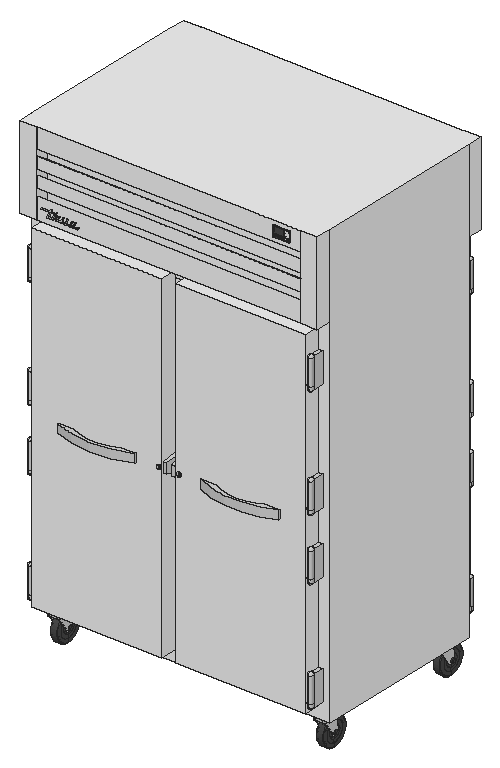
Revit family
Parameters
  Weight in Pounds = 0
  Watts = 3000 W
  Volts = 208 V
  URL Cutsheet = "www.truemfg.com"
  URL = "www.truemfg.com"
  Type Mark [instance] = ""
  Type Comments = ""
  Status [instance] = ""
  Specification by User [instance] = ""
  Specification by Manufacturer = ""
  Show Seismic Flanged [instance] = no
  Show Logo [instance] = yes
  Show Legs [instance] = no
  Show Clearance [instance] = yes
  Serial Number = ""
  Seismic Rating = ""
  Seismic Plate [instance] = and(Show Seismic Flanged, not(Show Casters))  # no
  SMACNA No = ""
  Revision Code [instance] = ""
  Phase = 1
  Omniclass Number and Title = ""
  Number of Poles [instance] = 1
  NAFEM Spec ID Number = ""
  Model = "STG2HPT-2S-2S"
  Min Ckt Ampacity = 0 A
  Max Overcurrent Protection = 0 A
  Masterspec = ""
  Manufacturer = "TRUE FOOD SERVICE EQUIPMENT, INC."
  Length = 52 5/8"
  Legs [instance] = or(Show Legs, Show Seismic Flanged)  # no
  Item Number [instance] = ""
  Installed By [instance] = ""
  Identify Quantity as Lot [instance] = yes
  Height = 77 3/4"
  HP = ""
  Furnished By [instance] = ""
  Foodservice Equipment Identifier [instance] = yes
  FL Amps = Watts / Volts  # 14.4231 A
  Electrical Remarks [instance] = ""
  Electric Connection Type [instance] = ""
  Elec Conn RI Height [instance] = 0"
  Elec Conn Connection Height [instance] = 0"
  Description = "Pass-thru Solid Front/Solid Rear Swing Doors Heated Cabinet"
  Depth = 36 1/8"
  Cycle = 60 Hz
  Conn Plug = "6-15P"
  Conn Conduit = yes
  Show Casters [instance] = and(not(if(Show Legs, Show Legs, Show Legs)), not(if(Show Legs, Show Legs, Show Seismic Flanged)))  # yes
  CSI MasterFormat = ""
  CSI Master Format = ""
  Assembly Code = ""
  Apparent Power = if(Phase = 3, Volts * FL Amps * 1.73, Volts * FL Amps)  # 3000 VA
Reference planes (in)
  plane 1 "BACK": y = 0
  plane 2: z = 0
  plane 3 "LEFT": x = 0
  plane 4 "RIGHT": x = 52.625
  plane 5 "FRONT": y = -36.125
  plane 6 "TOP": z = 84.125
  plane 7: z = 6.125
  plane 8: x = 26.3125
  plane 9: x = 3
  plane 10: x = 49.9375
  plane 11: y = -36.0792
  plane 12: x = 26.3125
  plane 13: y = -0.0458
  plane 14: y = -18.0625
Forms (in)
  Extrusion 1, solid, material "QF_Finishes_Chrome - Satin"
    sketch origin (0.05, 0, 0) x (1, 0, 0) y (0, 1, 0)
      loop
        line (-0.05, -2.75) -> (-0.05, -33.375) -> (2.35625, -33.375) -> (2.35625, -2.75) -> (-0.05, -2.75)
    from 6.125 to 84.125
  Extrusion 2, solid, material "QF_Finishes_Chrome - Satin"
    sketch origin (50.15, 0, 0) x (1, 0, 0) y (0, 1, 0)
      loop
        line (0.225, -2.75) -> (0.225, -33.375) -> (2.475, -33.375) -> (2.475, -2.75) -> (0.225, -2.75)
    from 6.125 to 84.125
  Extrusion 3, solid, material "QF_Finishes_Chrome - Satin"
    sketch origin (0, 0, 0) x (0, 1, 0) y (0, 0, 1)
      loop
        line (-36.0792, 69.5) -> (-33.375, 69.5) -> (-33.375, 66.96875) -> (-2.75, 66.96875) -> (-2.75, 69.5) -> (-0.0458, 69.5) -> (-0.0458, 73.19226) -> (-2.25, 71.625) -> (-2.25, 72.90057) -> (-0.0458, 74.46784) -> (-0.0458, 76.56404) -> (-2.25, 74.99678) -> (-2.25, 75.95754) -> (-0.0458, 77.5248) -> (-0.0458, 79.65851) -> (-2.25, 78.09125) -> (-2.25, 79.21352) -> (-0.0458, 80.78078) -> (-0.0458, 84.125) -> (-36.0792, 84.125) -> (-36.0792, 80.78078) -> (-33.875, 79.21352) -> (-33.875, 78.09125) -> (-36.0792, 79.65851) -> (-36.0792, 77.5248) -> (-33.875, 75.95754) -> (-33.875, 74.99678) -> (-36.0792, 76.56404) -> (-36.0792, 74.46784) -> (-33.875, 72.90057) -> (-33.875, 71.625) -> (-36.0792, 73.19226) -> (-36.0792, 69.5)
      loop
        line (-33.375, 6.125) -> (-2.75, 6.125) -> (-2.75, 9.03125) -> (-33.375, 9.03125) -> (-33.375, 6.125)
    from 2.25 to 50.375
  Extrusion 4, solid, material "QF_Finishes_Chrome - Satin"
    sketch origin (0, 0, 0) x (1, 0, 0) y (0, 1, 0)
      loop
        line (52.54687, -33.375) -> (49.66032, -33.375) -> (49.66032, -36.125) -> (52.54687, -36.125) -> (52.54687, -33.375)
      loop
        line (52.54687, -2.75) -> (52.54687, 0) -> (49.66032, 0) -> (49.66032, -2.75) -> (52.54687, -2.75)
    from 69.5 to 84.125
  Extrusion 5, solid, material "QF_Finishes_Chrome - Satin"
    sketch origin (-50.125, 0, 0.25) x (1, 0, 0) y (0, 1, 0)
      loop
        line (53.20984, -33.375) -> (50.20312, -33.375) -> (50.20312, -36.125) -> (53.20984, -36.125) -> (53.20984, -33.375)
      loop
        line (53.20984, -2.75) -> (53.20984, 0) -> (50.20312, 0) -> (50.20312, -2.75) -> (53.20984, -2.75)
    from 69.25 to 83.875
  Extrusion 6, solid, material "QF_Finishes_Handrails and Railings"
    sketch origin (1.875, -2.375, -2) x (1, 0, 0) y (0, 0, 1)
      loop
        circle (22.76563, 40.0625) r 0.35
      loop
        line (22.73047, 40.33635) -> (22.73047, 39.76895) -> (22.78597, 39.76895) -> (22.78597, 40.33635) -> (22.73047, 40.33635)
      loop
        circle (26.3125, 40.0625) r 0.35
      loop
        line (26.34765, 40.33635) -> (26.29215, 40.33635) -> (26.29215, 39.76895) -> (26.34765, 39.76895) -> (26.34765, 40.33635)
    from 33.5 to 33.83066
  Extrusion 7, solid, material "QF_Finishes_Handrails and Railings", visible <- "Show Logo"
    sketch origin (0.33478, -1.29327, -6.73143) x (1, 0, 0) y (0, 0, 1)
      loop
        line (3.61669, 78.46231) -> (3.51103, 78.23573) -> (4.91652, 78.23573)
        arc (4.91652, 78.23573) -> (4.94504, 78.18528) -> (4.91652, 78.13484) r 0.05887
        line (4.91652, 78.13484) -> (4.54994, 77.34872)
        arc (4.54994, 77.34872) -> (4.54676, 77.27591) -> (4.596, 77.22217) r 0.09523
        line (4.596, 77.22217) -> (5.49469, 77.22217)
        arc (5.49469, 77.22217) -> (5.60817, 77.25795) -> (5.68061, 77.35235) r 0.19785
        line (5.68061, 77.35235) -> (5.9691, 77.97101) -> (6.23415, 77.97101)
        arc (6.23415, 77.97101) -> (6.30369, 77.94543) -> (6.29362, 77.87203) r 0.05911
        line (6.29362, 77.87203) -> (6.05223, 77.35437)
        arc (6.05223, 77.35437) -> (6.05599, 77.2684) -> (6.12856, 77.22217) r 0.09318
        line (6.12856, 77.22217) -> (6.91823, 77.22217)
        arc (6.91823, 77.22217) -> (6.97874, 77.24419) -> (7.01093, 77.29995) r 0.09412
        arc (7.01093, 77.29995) -> (7.03371, 77.24495) -> (7.08871, 77.22217) r 0.07778
        line (7.08871, 77.22217) -> (7.58871, 77.22217)
        arc (7.58871, 77.22217) -> (7.64647, 77.23765) -> (7.68876, 77.27993) r 0.11552
        arc (7.68876, 77.27993) -> (7.709, 77.23106) -> (7.75787, 77.21081) r 0.06912
        line (7.75787, 77.21081) -> (8.4685, 77.21081)
        arc (8.4685, 77.21081) -> (8.52659, 77.23488) -> (8.55066, 77.29297) r 0.08216
        arc (8.55066, 77.29297) -> (8.60392, 77.23972) -> (8.67667, 77.22022) r 0.14551
        line (8.67667, 77.22022) -> (10.00783, 77.22022) -> (10.15571, 77.47634) -> (8.81303, 77.47634)
        arc (8.81303, 77.47634) -> (8.77597, 77.50204) -> (8.77459, 77.54711) r 0.05009
        line (8.77459, 77.54711) -> (8.79782, 77.59692)
        arc (8.79782, 77.59692) -> (8.83348, 77.64364) -> (8.88952, 77.66135) r 0.09747
        line (8.88952, 77.66135) -> (9.3211, 77.66135)
        arc (9.3211, 77.66135) -> (9.41425, 77.68631) -> (9.48244, 77.7545) r 0.1863
        line (9.48244, 77.7545) -> (9.60744, 77.97101)
        arc (9.60744, 77.97101) -> (9.60744, 78.08657) -> (9.50736, 78.14434) r 0.11556
        line (9.50736, 78.14434) -> (9.05187, 78.14434)
        arc (9.05187, 78.14434) -> (8.93575, 78.12462) -> (8.85474, 78.03912) r 0.18605
        line (8.85474, 78.03912) -> (8.63829, 77.57493)
        arc (8.63829, 77.57493) -> (8.5744, 77.49167) -> (8.47431, 77.46011) r 0.1745
        line (8.47431, 77.46011) -> (8.00184, 77.46011)
        arc (8.00184, 77.46011) -> (7.94528, 77.52184) -> (7.94893, 77.60548) r 0.10939
        line (7.94893, 77.60548) -> (8.2002, 78.14434) -> (8.04028, 78.14434) -> (7.77406, 77.57344)
        arc (7.77406, 77.57344) -> (7.72234, 77.50603) -> (7.6413, 77.48048) r 0.14128
        line (7.6413, 77.48048) -> (7.3155, 77.48048)
        arc (7.3155, 77.48048) -> (7.26044, 77.55223) -> (7.27225, 77.64189) r 0.11816
        line (7.27225, 77.64189) -> (7.50655, 78.14434) -> (7.34139, 78.14434) -> (7.07171, 77.566)
        arc (7.07171, 77.566) -> (7.0091, 77.50339) -> (6.92358, 77.48048) r 0.17104
        line (6.92358, 77.48048) -> (6.4518, 77.48048)
        arc (6.4518, 77.48048) -> (6.36707, 77.51999) -> (6.35892, 77.61313) r 0.0935
        line (6.35892, 77.61313) -> (6.51399, 77.94569) -> (6.7332, 77.94569)
        arc (6.7332, 77.94569) -> (6.7702, 78.05717) -> (6.84892, 78.14434) r 0.2857
        line (6.84892, 78.14434) -> (5.9923, 78.14434)
        arc (5.9923, 78.14434) -> (5.89711, 78.12324) -> (5.83123, 78.05135) r 0.16212
        line (5.83123, 78.05135) -> (5.59904, 77.55341)
        arc (5.59904, 77.55341) -> (5.54565, 77.50002) -> (5.47272, 77.48048) r 0.14586
        line (5.47272, 77.48048) -> (4.96131, 77.48048)
        arc (4.96131, 77.48048) -> (4.92139, 77.53442) -> (4.92899, 77.60109) r 0.09155
        line (4.92899, 77.60109) -> (5.26643, 78.23573) -> (6.1178, 78.23573) -> (6.22346, 78.46231) -> (5.37209, 78.46231) -> (5.47774, 78.68888) -> (5.17487, 78.68888) -> (5.06922, 78.46231) -> (3.61669, 78.46231)
      loop
        arc (8.9943, 77.93863) -> (8.95744, 77.92875) -> (8.93045, 77.90176) r 0.07373
        line (8.93045, 77.90176) -> (8.90854, 77.83436)
        arc (8.90854, 77.83436) -> (8.9187, 77.80983) -> (8.94324, 77.79966) r 0.0347
        line (8.94324, 77.79966) -> (9.31573, 77.79966)
        arc (9.31573, 77.79966) -> (9.34257, 77.80561) -> (9.36437, 77.82234) r 0.0635
        line (9.36437, 77.82234) -> (9.38249, 77.90622)
        arc (9.38249, 77.90622) -> (9.37716, 77.92868) -> (9.35634, 77.93863) r 0.02676
        line (9.35634, 77.93863) -> (8.9943, 77.93863)
    from 34.76797 to 34.83173
  Extrusion 8, solid
    sketch origin (0, 0, 0) x (1, 0, 0) y (0, 0, 1)
      loop
        circle (49.53125, 82) r 0.25
    from 0 to 0.0625
  Blend 9, solid, material "QF_Finishes_Handrails and Railings"
    base sketch origin (-0.14063, -2.375, 0) x (1, 0, 0) y (0, 0, 1)
      loop
        line (25.32813, 38.99169) -> (25.32813, 37.24169) -> (26.07813, 37.24169) -> (26.07813, 38.99169) -> (25.32813, 38.99169)
    top sketch origin (-0.14063, 0, 0) x (1, 0, 0) y (0, 0, 1)
      loop
        line (26.26036, 36.6441) -> (26.26036, 39.42643) -> (25.32813, 39.42643) -> (25.32813, 36.6441) -> (26.26036, 36.6441)
    from 33.57883 to 33.375
  Blend 10, solid, material "QF_Finishes_Handrails and Railings"
    base sketch origin (52.84375, -2.375, 0) x (-1, 0, 0) y (0, 0, -1)
      loop
        line (25.25, -38.99169) -> (26, -38.99169) -> (26, -37.24169) -> (25.25, -37.24169) -> (25.25, -38.99169)
    top sketch origin (52.84375, 0, 0) x (-1, 0, 0) y (0, 0, -1)
      loop
        line (26.18223, -36.6441) -> (25.25, -36.6441) -> (25.25, -39.42643) -> (26.18223, -39.42643) -> (26.18223, -36.6441)
    from 33.57883 to 33.375
  Extrusion 11, solid, material "QF_Finishes_Handrails and Railings"
    sketch origin (1.09375, 0, 0) x (0, 1, 0) y (0, 0, 1)
      loop
        line (-33.375, 64.55229) -> (-34.98544, 64.55229)
        arc (-34.98544, 64.55229) -> (-35.13006, 64.49238) -> (-35.18997, 64.34776) r 0.20453
        line (-35.18997, 64.34776) -> (-35.18997, 59.94848) -> (-35.625, 59.94848) -> (-35.625, 59.23627) -> (-33.375, 59.23627) -> (-33.375, 64.55229)
    from 0.17506 to 1
  Revolve 12, solid, material "QF_Finishes_Handrails and Railings"
    sketch origin (1.59375, 0, 0) x (0, 1, 0) y (0, 0, 1)
      loop
        line (-35.64063, 60.00189) -> (-35.64063, 64.81483)
        arc (-35.64063, 64.81483) -> (-35.91222, 64.72557) -> (-36.04729, 64.4736) r 0.3848
        line (-36.04729, 64.4736) -> (-36.04729, 60.00189) -> (-35.64063, 60.00189)
      loop
        line (-35.64063, 59.94848) -> (-36.04729, 59.94848) -> (-36.04729, 59.37712)
        arc (-36.04729, 59.37712) -> (-35.90764, 59.13383) -> (-35.64063, 59.04781) r 0.38884
        line (-35.64063, 59.04781) -> (-35.64063, 59.94848)
      axis (-35.64063, 59.04781) -> (-35.64063, 64.81483)
    angle from 0 to 360
  Extrusion 13, solid, material "QF_Finishes_Handrails and Railings"
    sketch origin (-0.21875, -2.375, 0) x (1, 0, 0) y (0, 0, 1)
      loop
        line (2.07116, 64.4736) -> (2.07116, 60.00079) -> (2.46875, 60.00079) -> (2.46875, 64.4736) -> (2.07116, 64.4736)
    from 32.81497 to 33.59495
  Extrusion 14, solid, material "QF_Finishes_Handrails and Railings"
    sketch origin (1.09375, 0, -19.5) x (0, 1, 0) y (0, 0, 1)
      loop
        line (-33.375, 64.55229) -> (-34.98544, 64.55229)
        arc (-34.98544, 64.55229) -> (-35.13006, 64.49238) -> (-35.18997, 64.34776) r 0.20453
        line (-35.18997, 64.34776) -> (-35.18997, 59.94848) -> (-35.625, 59.94848) -> (-35.625, 59.23627) -> (-33.375, 59.23627) -> (-33.375, 64.55229)
    from 0.17506 to 1
  Revolve 15, solid, material "QF_Finishes_Handrails and Railings"
    sketch origin (1.59375, 0, -19.5) x (0, 1, 0) y (0, 0, 1)
      loop
        line (-35.64063, 60.00189) -> (-35.64063, 64.81483)
        arc (-35.64063, 64.81483) -> (-35.91222, 64.72557) -> (-36.04729, 64.4736) r 0.3848
        line (-36.04729, 64.4736) -> (-36.04729, 60.00189) -> (-35.64063, 60.00189)
      loop
        line (-35.64063, 59.94848) -> (-36.04729, 59.94848) -> (-36.04729, 59.37712)
        arc (-36.04729, 59.37712) -> (-35.90764, 59.13383) -> (-35.64063, 59.04781) r 0.38884
        line (-35.64063, 59.04781) -> (-35.64063, 59.94848)
      axis (-35.64063, 59.04781) -> (-35.64063, 64.81483)
    angle from 0 to 360
  Extrusion 16, solid, material "QF_Finishes_Handrails and Railings"
    sketch origin (-0.21875, -2.375, -19.5) x (1, 0, 0) y (0, 0, 1)
      loop
        line (2.07116, 64.4736) -> (2.07116, 60.00079) -> (2.46875, 60.00079) -> (2.46875, 64.4736) -> (2.07116, 64.4736)
    from 32.81497 to 33.59495
  Extrusion 17, solid, material "QF_Finishes_Handrails and Railings"
    sketch origin (1.09375, 0, -30.5) x (0, 1, 0) y (0, 0, 1)
      loop
        line (-33.375, 64.55229) -> (-34.98544, 64.55229)
        arc (-34.98544, 64.55229) -> (-35.13006, 64.49238) -> (-35.18997, 64.34776) r 0.20453
        line (-35.18997, 64.34776) -> (-35.18997, 59.94848) -> (-35.625, 59.94848) -> (-35.625, 59.23627) -> (-33.375, 59.23627) -> (-33.375, 64.55229)
    from 0.17506 to 1
  Revolve 18, solid, material "QF_Finishes_Handrails and Railings"
    sketch origin (1.59375, 0, -30.5) x (0, 1, 0) y (0, 0, 1)
      loop
        line (-35.64063, 60.00189) -> (-35.64063, 64.81483)
        arc (-35.64063, 64.81483) -> (-35.91222, 64.72557) -> (-36.04729, 64.4736) r 0.3848
        line (-36.04729, 64.4736) -> (-36.04729, 60.00189) -> (-35.64063, 60.00189)
      loop
        line (-35.64063, 59.94848) -> (-36.04729, 59.94848) -> (-36.04729, 59.37712)
        arc (-36.04729, 59.37712) -> (-35.90764, 59.13383) -> (-35.64063, 59.04781) r 0.38884
        line (-35.64063, 59.04781) -> (-35.64063, 59.94848)
      axis (-35.64063, 59.04781) -> (-35.64063, 64.81483)
    angle from 0 to 360
  Extrusion 19, solid, material "QF_Finishes_Handrails and Railings"
    sketch origin (-0.21875, -2.375, -30.5) x (1, 0, 0) y (0, 0, 1)
      loop
        line (2.07116, 64.4736) -> (2.07116, 60.00079) -> (2.46875, 60.00079) -> (2.46875, 64.4736) -> (2.07116, 64.4736)
    from 32.81497 to 33.59495
  Extrusion 20, solid, material "QF_Finishes_Handrails and Railings"
    sketch origin (1.09375, 0, -50.25) x (0, 1, 0) y (0, 0, 1)
      loop
        line (-33.375, 64.55229) -> (-34.98544, 64.55229)
        arc (-34.98544, 64.55229) -> (-35.13006, 64.49238) -> (-35.18997, 64.34776) r 0.20453
        line (-35.18997, 64.34776) -> (-35.18997, 59.94848) -> (-35.625, 59.94848) -> (-35.625, 59.23627) -> (-33.375, 59.23627) -> (-33.375, 64.55229)
    from 0.17506 to 1
  Revolve 21, solid, material "QF_Finishes_Handrails and Railings"
    sketch origin (1.59375, 0, -50.25) x (0, 1, 0) y (0, 0, 1)
      loop
        line (-35.64063, 60.00189) -> (-35.64063, 64.81483)
        arc (-35.64063, 64.81483) -> (-35.91222, 64.72557) -> (-36.04729, 64.4736) r 0.3848
        line (-36.04729, 64.4736) -> (-36.04729, 60.00189) -> (-35.64063, 60.00189)
      loop
        line (-35.64063, 59.94848) -> (-36.04729, 59.94848) -> (-36.04729, 59.37712)
        arc (-36.04729, 59.37712) -> (-35.90764, 59.13383) -> (-35.64063, 59.04781) r 0.38884
        line (-35.64063, 59.04781) -> (-35.64063, 59.94848)
      axis (-35.64063, 59.04781) -> (-35.64063, 64.81483)
    angle from 0 to 360
  Extrusion 22, solid, material "QF_Finishes_Handrails and Railings"
    sketch origin (-0.21875, -2.375, -50.25) x (1, 0, 0) y (0, 0, 1)
      loop
        line (2.07116, 64.4736) -> (2.07116, 60.00079) -> (2.46875, 60.00079) -> (2.46875, 64.4736) -> (2.07116, 64.4736)
    from 32.81497 to 33.59495
  Extrusion 23, solid, material "QF_Finishes_Handrails and Railings"
    sketch origin (51.53125, 0, 0) x (0, 1, 0) y (0, 0, -1)
      loop
        line (-33.375, -64.55229) -> (-33.375, -59.23627) -> (-35.625, -59.23627) -> (-35.625, -59.94848) -> (-35.18997, -59.94848) -> (-35.18997, -64.34776)
        arc (-35.18997, -64.34776) -> (-35.13006, -64.49238) -> (-34.98544, -64.55229) r 0.20453
        line (-34.98544, -64.55229) -> (-33.375, -64.55229)
    from 0.17506 to 1
  Revolve 24, solid, material "QF_Finishes_Handrails and Railings"
    sketch origin (51.03125, 0, 0) x (0, 1, 0) y (0, 0, -1)
      loop
        line (-35.64063, -60.00189) -> (-36.04729, -60.00189) -> (-36.04729, -64.4736)
        arc (-36.04729, -64.4736) -> (-35.91222, -64.72557) -> (-35.64063, -64.81483) r 0.3848
        line (-35.64063, -64.81483) -> (-35.64063, -60.00189)
      loop
        line (-35.64063, -59.94848) -> (-35.64063, -59.04781)
        arc (-35.64063, -59.04781) -> (-35.90764, -59.13383) -> (-36.04729, -59.37712) r 0.38884
        line (-36.04729, -59.37712) -> (-36.04729, -59.94848) -> (-35.64063, -59.94848)
      axis (-35.64063, -59.04781) -> (-35.64063, -64.81483)
    angle from 0 to 360
  Extrusion 25, solid, material "QF_Finishes_Handrails and Railings"
    sketch origin (52.84375, -2.375, 0) x (-1, 0, 0) y (0, 0, -1)
      loop
        line (1.75866, -64.4736) -> (2.15625, -64.4736) -> (2.15625, -60.00079) -> (1.75866, -60.00079) -> (1.75866, -64.4736)
    from 32.81497 to 33.59495
  Extrusion 26, solid, material "QF_Finishes_Handrails and Railings"
    sketch origin (51.53125, 0, -19.5) x (0, 1, 0) y (0, 0, -1)
      loop
        line (-33.375, -64.55229) -> (-33.375, -59.23627) -> (-35.625, -59.23627) -> (-35.625, -59.94848) -> (-35.18997, -59.94848) -> (-35.18997, -64.34776)
        arc (-35.18997, -64.34776) -> (-35.13006, -64.49238) -> (-34.98544, -64.55229) r 0.20453
        line (-34.98544, -64.55229) -> (-33.375, -64.55229)
    from 0.17506 to 1
  Revolve 27, solid, material "QF_Finishes_Handrails and Railings"
    sketch origin (51.03125, 0, -19.5) x (0, 1, 0) y (0, 0, -1)
      loop
        line (-35.64063, -60.00189) -> (-36.04729, -60.00189) -> (-36.04729, -64.4736)
        arc (-36.04729, -64.4736) -> (-35.91222, -64.72557) -> (-35.64063, -64.81483) r 0.3848
        line (-35.64063, -64.81483) -> (-35.64063, -60.00189)
      loop
        line (-35.64063, -59.94848) -> (-35.64063, -59.04781)
        arc (-35.64063, -59.04781) -> (-35.90764, -59.13383) -> (-36.04729, -59.37712) r 0.38884
        line (-36.04729, -59.37712) -> (-36.04729, -59.94848) -> (-35.64063, -59.94848)
      axis (-35.64063, -59.04781) -> (-35.64063, -64.81483)
    angle from 0 to 360
  Extrusion 28, solid, material "QF_Finishes_Handrails and Railings"
    sketch origin (52.84375, -2.375, -19.5) x (-1, 0, 0) y (0, 0, -1)
      loop
        line (1.75866, -64.4736) -> (2.15625, -64.4736) -> (2.15625, -60.00079) -> (1.75866, -60.00079) -> (1.75866, -64.4736)
    from 32.81497 to 33.59495
  Extrusion 29, solid, material "QF_Finishes_Handrails and Railings"
    sketch origin (51.53125, 0, -30.5) x (0, 1, 0) y (0, 0, -1)
      loop
        line (-33.375, -64.55229) -> (-33.375, -59.23627) -> (-35.625, -59.23627) -> (-35.625, -59.94848) -> (-35.18997, -59.94848) -> (-35.18997, -64.34776)
        arc (-35.18997, -64.34776) -> (-35.13006, -64.49238) -> (-34.98544, -64.55229) r 0.20453
        line (-34.98544, -64.55229) -> (-33.375, -64.55229)
    from 0.17506 to 1
  Revolve 30, solid, material "QF_Finishes_Handrails and Railings"
    sketch origin (51.03125, 0, -30.5) x (0, 1, 0) y (0, 0, -1)
      loop
        line (-35.64063, -60.00189) -> (-36.04729, -60.00189) -> (-36.04729, -64.4736)
        arc (-36.04729, -64.4736) -> (-35.91222, -64.72557) -> (-35.64063, -64.81483) r 0.3848
        line (-35.64063, -64.81483) -> (-35.64063, -60.00189)
      loop
        line (-35.64063, -59.94848) -> (-35.64063, -59.04781)
        arc (-35.64063, -59.04781) -> (-35.90764, -59.13383) -> (-36.04729, -59.37712) r 0.38884
        line (-36.04729, -59.37712) -> (-36.04729, -59.94848) -> (-35.64063, -59.94848)
      axis (-35.64063, -59.04781) -> (-35.64063, -64.81483)
    angle from 0 to 360
  Extrusion 31, solid, material "QF_Finishes_Handrails and Railings"
    sketch origin (52.84375, -2.375, -30.5) x (-1, 0, 0) y (0, 0, -1)
      loop
        line (1.75866, -64.4736) -> (2.15625, -64.4736) -> (2.15625, -60.00079) -> (1.75866, -60.00079) -> (1.75866, -64.4736)
    from 32.81497 to 33.59495
  Extrusion 32, solid, material "QF_Finishes_Handrails and Railings"
    sketch origin (51.53125, 0, -50.25) x (0, 1, 0) y (0, 0, -1)
      loop
        line (-33.375, -64.55229) -> (-33.375, -59.23627) -> (-35.625, -59.23627) -> (-35.625, -59.94848) -> (-35.18997, -59.94848) -> (-35.18997, -64.34776)
        arc (-35.18997, -64.34776) -> (-35.13006, -64.49238) -> (-34.98544, -64.55229) r 0.20453
        line (-34.98544, -64.55229) -> (-33.375, -64.55229)
    from 0.17506 to 1
  Revolve 33, solid, material "QF_Finishes_Handrails and Railings"
    sketch origin (51.03125, 0, -50.25) x (0, 1, 0) y (0, 0, -1)
      loop
        line (-35.64063, -60.00189) -> (-36.04729, -60.00189) -> (-36.04729, -64.4736)
        arc (-36.04729, -64.4736) -> (-35.91222, -64.72557) -> (-35.64063, -64.81483) r 0.3848
        line (-35.64063, -64.81483) -> (-35.64063, -60.00189)
      loop
        line (-35.64063, -59.94848) -> (-35.64063, -59.04781)
        arc (-35.64063, -59.04781) -> (-35.90764, -59.13383) -> (-36.04729, -59.37712) r 0.38884
        line (-36.04729, -59.37712) -> (-36.04729, -59.94848) -> (-35.64063, -59.94848)
      axis (-35.64063, -59.04781) -> (-35.64063, -64.81483)
    angle from 0 to 360
  Extrusion 34, solid, material "QF_Finishes_Handrails and Railings"
    sketch origin (52.84375, -2.375, -50.25) x (-1, 0, 0) y (0, 0, -1)
      loop
        line (1.75866, -64.4736) -> (2.15625, -64.4736) -> (2.15625, -60.00079) -> (1.75866, -60.00079) -> (1.75866, -64.4736)
    from 32.81497 to 33.59495
  Revolve 35, solid, material "QF_Finishes_Black", visible <- "Show Casters"
    sketch origin (47.78125, -29.75, 0) x (1, 0, 0) y (0, 0, 1)
      loop
        line (1.63125, 5) -> (1.53125, 4.9) -> (1.53125, 4.29941) -> (1.69226, 4.29941) -> (1.69226, 3.54941) -> (1.53125, 3.54941) -> (1.53125, 2.79941) -> (1.13125, 2.79941) -> (1.13125, 2.5) -> (3.18125, 2.5) -> (3.18125, 2.79941) -> (2.78533, 2.79941) -> (2.78533, 3.54941) -> (2.62024, 3.54941) -> (2.62024, 4.29941) -> (2.78533, 4.29941) -> (2.78533, 4.89592) -> (2.68125, 5) -> (1.63125, 5)
      axis (3.18125, 2.5) -> (1.13125, 2.5)
    angle from 0 to 360
  Extrusion 36, solid, material "QF_Finishes_Handrails and Railings", visible <- "Show Casters"
    sketch origin (47.78125, 0, 0) x (0, 1, 0) y (0, 0, 1)
      loop
        line (-32.32636, 5.48574) -> (-32.32636, 4.88089) -> (-32.07636, 4.88089) -> (-30.32716, 2.18736)
        arc (-30.32716, 2.18736) -> (-29.61383, 1.94868) -> (-29.22081, 2.59003) r 0.60416
        line (-29.22081, 2.59003) -> (-29.57636, 5.48574) -> (-32.32636, 5.48574)
      loop
        line (-6.6077, 5.48574) -> (-6.6077, 4.88089) -> (-6.3577, 4.88089) -> (-4.6085, 2.18736)
        arc (-4.6085, 2.18736) -> (-3.89517, 1.94868) -> (-3.50215, 2.59003) r 0.60416
        line (-3.50215, 2.59003) -> (-3.8577, 5.48574) -> (-6.6077, 5.48574)
    from 1.175 to 1.325
  Extrusion 37, solid, material "QF_Finishes_Handrails and Railings", visible <- "Show Casters"
    sketch origin (49.28125, 0, 0) x (0, 1, 0) y (0, 0, 1)
      loop
        line (-32.32636, 5.48574) -> (-32.32636, 4.88089) -> (-32.07636, 4.88089) -> (-30.32716, 2.18736)
        arc (-30.32716, 2.18736) -> (-29.61383, 1.94868) -> (-29.22081, 2.59003) r 0.60416
        line (-29.22081, 2.59003) -> (-29.57636, 5.48574) -> (-32.32636, 5.48574)
      loop
        line (-6.6077, 5.48574) -> (-6.6077, 4.88089) -> (-6.3577, 4.88089) -> (-4.6085, 2.18736)
        arc (-4.6085, 2.18736) -> (-3.89517, 1.94868) -> (-3.50215, 2.59003) r 0.60416
        line (-3.50215, 2.59003) -> (-3.8577, 5.48574) -> (-6.6077, 5.48574)
    from 1.175 to 1.325
  Revolve 38, solid, material "QF_Finishes_Chrome - Satin", visible <- "Show Casters"
    sketch origin (47.78125, -30.9375, -0.5) x (1, 0, 0) y (0, 0, 1)
      loop
        line (2.15625, 5.99546) -> (2.15625, 6.62359) -> (0.85918, 6.62359) -> (0.85918, 5.99546) -> (2.15625, 5.99546)
      axis (2.15625, 5.99546) -> (2.15625, 6.62359)
    angle from 0 to 360
  Revolve 39, solid, material "QF_Finishes_Chrome - Satin", visible <- "Legs"
    sketch origin (47.78125, -5.44102, 0) x (1, 0, 0) y (0, 0, 1)
      loop
        line (2.15625, 6.125) -> (0.82287, 6.125) -> (1.40625, 1) -> (1.65625, 1) -> (1.65625, 0) -> (2.15625, 0) -> (2.15625, 6.125)
      axis (2.15625, 0) -> (2.15625, 6.125)
    angle from 0 to 360
  Revolve 40, solid, material "QF_Finishes_Chrome - Satin", visible <- "Legs"
    sketch origin (47.78125, -31.03477, 0) x (1, 0, 0) y (0, 0, 1)
      loop
        line (2.15625, 6.125) -> (0.82287, 6.125) -> (1.40625, 1) -> (1.65625, 1) -> (1.65625, 0) -> (2.15625, 0) -> (2.15625, 6.125)
      axis (2.15625, 0) -> (2.15625, 6.125)
    angle from 0 to 360
  Revolve 41, solid, material "QF_Finishes_Chrome - Satin", visible <- "Show Casters"
    sketch origin (47.78125, -5.45321, -0.5) x (1, 0, 0) y (0, 0, 1)
      loop
        line (2.15625, 5.99546) -> (2.15625, 6.62359) -> (0.85918, 6.62359) -> (0.85918, 5.99546) -> (2.15625, 5.99546)
      axis (2.15625, 5.99546) -> (2.15625, 6.62359)
    angle from 0 to 360
  Extrusion 42, solid, material "QF_Finishes_Handrails and Railings", visible <- "Show Casters"
    sketch origin (0, 0, 0) x (0, 1, 0) y (0, 0, 1)
      loop
        line (-32.32636, 5.48574) -> (-32.32636, 4.88089) -> (-32.07636, 4.88089) -> (-29.54033, 5.19227) -> (-29.57636, 5.48574) -> (-32.32636, 5.48574)
      loop
        line (-6.6077, 5.48574) -> (-6.6077, 4.88089) -> (-6.3577, 4.88089) -> (-3.82167, 5.19227) -> (-3.8577, 5.48574) -> (-6.6077, 5.48574)
    from 49.10625 to 50.45625
  Revolve 43, solid, material "QF_Finishes_Black", visible <- "Show Casters"
    sketch origin (47.78125, -3.96875, 0) x (1, 0, 0) y (0, 0, 1)
      loop
        line (1.63125, 5) -> (1.53125, 4.9) -> (1.53125, 4.29941) -> (1.69226, 4.29941) -> (1.69226, 3.54941) -> (1.53125, 3.54941) -> (1.53125, 2.79941) -> (1.13125, 2.79941) -> (1.13125, 2.5) -> (3.18125, 2.5) -> (3.18125, 2.79941) -> (2.78533, 2.79941) -> (2.78533, 3.54941) -> (2.62024, 3.54941) -> (2.62024, 4.29941) -> (2.78533, 4.29941) -> (2.78533, 4.89592) -> (2.68125, 5) -> (1.63125, 5)
      axis (3.18125, 2.5) -> (1.13125, 2.5)
    angle from 0 to 360
  Revolve 44, solid, material "QF_Finishes_Black", visible <- "Show Casters"
    sketch origin (0.84375, -29.75, 0) x (1, 0, 0) y (0, 0, 1)
      loop
        line (1.63125, 5) -> (1.53125, 4.9) -> (1.53125, 4.29941) -> (1.69226, 4.29941) -> (1.69226, 3.54941) -> (1.53125, 3.54941) -> (1.53125, 2.79941) -> (0.975, 2.79941) -> (0.975, 2.5) -> (3.18125, 2.5) -> (3.18125, 2.79941) -> (2.78533, 2.79941) -> (2.78533, 3.54941) -> (2.62024, 3.54941) -> (2.62024, 4.29941) -> (2.78533, 4.29941) -> (2.78533, 4.89592) -> (2.68125, 5) -> (1.63125, 5)
      axis (3.18125, 2.5) -> (0.975, 2.5)
    angle from 0 to 360
  Extrusion 45, solid, material "QF_Finishes_Handrails and Railings", visible <- "Show Casters"
    sketch origin (0.84375, 0, 0) x (0, 1, 0) y (0, 0, 1)
      loop
        line (-32.32636, 5.48574) -> (-32.32636, 4.88089) -> (-32.07636, 4.88089) -> (-30.32716, 2.18736)
        arc (-30.32716, 2.18736) -> (-29.61383, 1.94868) -> (-29.22081, 2.59003) r 0.60416
        line (-29.22081, 2.59003) -> (-29.57636, 5.48574) -> (-32.32636, 5.48574)
      loop
        line (-6.6077, 5.48574) -> (-6.6077, 4.88089) -> (-6.3577, 4.88089) -> (-4.6085, 2.18736)
        arc (-4.6085, 2.18736) -> (-3.89517, 1.94868) -> (-3.50215, 2.59003) r 0.60416
        line (-3.50215, 2.59003) -> (-3.8577, 5.48574) -> (-6.6077, 5.48574)
    from 1.175 to 1.325
  Extrusion 46, solid, material "QF_Finishes_Handrails and Railings", visible <- "Show Casters"
    sketch origin (2.34375, 0, 0) x (0, 1, 0) y (0, 0, 1)
      loop
        line (-32.32636, 5.48574) -> (-32.32636, 4.88089) -> (-32.07636, 4.88089) -> (-30.32716, 2.18736)
        arc (-30.32716, 2.18736) -> (-29.61383, 1.94868) -> (-29.22081, 2.59003) r 0.60416
        line (-29.22081, 2.59003) -> (-29.57636, 5.48574) -> (-32.32636, 5.48574)
      loop
        line (-6.6077, 5.48574) -> (-6.6077, 4.88089) -> (-6.3577, 4.88089) -> (-4.6085, 2.18736)
        arc (-4.6085, 2.18736) -> (-3.89517, 1.94868) -> (-3.50215, 2.59003) r 0.60416
        line (-3.50215, 2.59003) -> (-3.8577, 5.48574) -> (-6.6077, 5.48574)
    from 1.175 to 1.325
  Revolve 47, solid, material "QF_Finishes_Chrome - Satin", visible <- "Show Casters"
    sketch origin (0.84375, -30.9375, -0.5) x (1, 0, 0) y (0, 0, 1)
      loop
        line (2.15625, 5.99546) -> (2.15625, 6.62359) -> (0.85918, 6.62359) -> (0.85918, 5.99546) -> (2.15625, 5.99546)
      axis (2.15625, 5.99546) -> (2.15625, 6.62359)
    angle from 0 to 360
  Revolve 48, solid, material "QF_Finishes_Chrome - Satin", visible <- "Legs"
    sketch origin (0.84375, -5.44102, 0) x (1, 0, 0) y (0, 0, 1)
      loop
        line (2.15625, 6.125) -> (0.82287, 6.125) -> (1.40625, 1) -> (1.65625, 1) -> (1.65625, 0) -> (2.15625, 0) -> (2.15625, 6.125)
      axis (2.15625, 0) -> (2.15625, 6.125)
    angle from 0 to 360
  Revolve 49, solid, material "QF_Finishes_Chrome - Satin", visible <- "Legs"
    sketch origin (0.84375, -31.03477, 0) x (1, 0, 0) y (0, 0, 1)
      loop
        line (2.15625, 6.125) -> (0.82287, 6.125) -> (1.40625, 1) -> (1.65625, 1) -> (1.65625, 0) -> (2.15625, 0) -> (2.15625, 6.125)
      axis (2.15625, 0) -> (2.15625, 6.125)
    angle from 0 to 360
  Revolve 50, solid, material "QF_Finishes_Chrome - Satin", visible <- "Show Casters"
    sketch origin (0.84375, -5.45321, -0.5) x (1, 0, 0) y (0, 0, 1)
      loop
        line (2.15625, 5.99546) -> (2.15625, 6.62359) -> (0.85918, 6.62359) -> (0.85918, 5.99546) -> (2.15625, 5.99546)
      axis (2.15625, 5.99546) -> (2.15625, 6.62359)
    angle from 0 to 360
  Extrusion 51, solid, material "QF_Finishes_Handrails and Railings", visible <- "Show Casters"
    sketch origin (-46.9375, 0, 0) x (0, 1, 0) y (0, 0, 1)
      loop
        line (-32.32636, 5.48574) -> (-32.32636, 4.88089) -> (-32.07636, 4.88089) -> (-29.54033, 5.19227) -> (-29.57636, 5.48574) -> (-32.32636, 5.48574)
      loop
        line (-6.6077, 5.48574) -> (-6.6077, 4.88089) -> (-6.3577, 4.88089) -> (-3.82167, 5.19227) -> (-3.8577, 5.48574) -> (-6.6077, 5.48574)
    from 49.10625 to 50.45625
  Revolve 52, solid, material "QF_Finishes_Black", visible <- "Show Casters"
    sketch origin (0.84375, -3.96875, 0) x (1, 0, 0) y (0, 0, 1)
      loop
        line (1.63125, 5) -> (1.53125, 4.9) -> (1.53125, 4.29941) -> (1.69226, 4.29941) -> (1.69226, 3.54941) -> (1.53125, 3.54941) -> (1.53125, 2.79941) -> (0.975, 2.79941) -> (0.975, 2.5) -> (3.18125, 2.5) -> (3.18125, 2.79941) -> (2.78533, 2.79941) -> (2.78533, 3.54941) -> (2.62024, 3.54941) -> (2.62024, 4.29941) -> (2.78533, 4.29941) -> (2.78533, 4.89592) -> (2.68125, 5) -> (1.63125, 5)
      axis (3.18125, 2.5) -> (0.975, 2.5)
    angle from 0 to 360
  Extrusion 53, solid, material "QF_Finishes_White"
    sketch origin (1.49925, -1.31123, 1.58022) x (1, 0, 0) y (0, 0, 1)
      loop
        line (43.31732, 81.73227) -> (43.31732, 79.98496) -> (46.22357, 79.98496) -> (46.22357, 81.73227) -> (43.31732, 81.73227)
    from 34.75 to 34.76797
  Extrusion 54, solid, material "QF_Finishes_Black"
    sketch origin (1.49925, -1.31123, 1.58022) x (1, 0, 0) y (0, 0, 1)
      loop
        line (46.28607, 81.79477) -> (43.25482, 81.79477) -> (43.25482, 79.92246) -> (46.28607, 79.92246) -> (46.28607, 81.79477)
      loop
        spline (43.45482, 80.25372) -> (43.46333, 80.23754) -> (43.48831, 80.22247) -> (43.52804, 80.20952) -> (43.57982, 80.19959) -> (43.64011, 80.19335) -> (43.70482, 80.19122) -> (43.76952, 80.19335) -> (43.82982, 80.19959) -> (43.88159, 80.20952) -> (43.92132, 80.22247) -> (43.9463, 80.23754) -> (43.95482, 80.25372)
        spline (43.95482, 80.25372) -> (43.9463, 80.26989) -> (43.92132, 80.28497) -> (43.88159, 80.29791) -> (43.82982, 80.30784) -> (43.76952, 80.31409) -> (43.70482, 80.31622) -> (43.64011, 80.31409) -> (43.57982, 80.30784) -> (43.52804, 80.29791) -> (43.48831, 80.28497) -> (43.46333, 80.26989) -> (43.45482, 80.25372)
      loop
        spline (44.15083, 80.25372) -> (44.15935, 80.23754) -> (44.18432, 80.22247) -> (44.22405, 80.20952) -> (44.27583, 80.19959) -> (44.33612, 80.19335) -> (44.40083, 80.19122) -> (44.46553, 80.19335) -> (44.52583, 80.19959) -> (44.57761, 80.20952) -> (44.61734, 80.22247) -> (44.64231, 80.23754) -> (44.65083, 80.25372)
        spline (44.65083, 80.25372) -> (44.64231, 80.26989) -> (44.61734, 80.28497) -> (44.57761, 80.29791) -> (44.52583, 80.30784) -> (44.46553, 80.31409) -> (44.40083, 80.31622) -> (44.33612, 80.31409) -> (44.27583, 80.30784) -> (44.22405, 80.29791) -> (44.18432, 80.28497) -> (44.15935, 80.26989) -> (44.15083, 80.25372)
      loop
        spline (44.90083, 80.25372) -> (44.90935, 80.23754) -> (44.93432, 80.22247) -> (44.97405, 80.20952) -> (45.02583, 80.19959) -> (45.08612, 80.19335) -> (45.15083, 80.19122) -> (45.21553, 80.19335) -> (45.27583, 80.19959) -> (45.32761, 80.20952) -> (45.36734, 80.22247) -> (45.39231, 80.23754) -> (45.40083, 80.25372)
        spline (45.40083, 80.25372) -> (45.39231, 80.26989) -> (45.36734, 80.28497) -> (45.32761, 80.29791) -> (45.27583, 80.30784) -> (45.21553, 80.31409) -> (45.15083, 80.31622) -> (45.08612, 80.31409) -> (45.02583, 80.30784) -> (44.97405, 80.29791) -> (44.93432, 80.28497) -> (44.90935, 80.26989) -> (44.90083, 80.25372)
      loop
        line (43.45481, 81.59478) -> (43.45481, 80.59478) -> (45.15433, 80.59478) -> (45.15433, 81.59478) -> (43.45481, 81.59478)
      loop
        line (46.22357, 81.73227) -> (43.31732, 81.73227) -> (43.31732, 79.98496) -> (46.22357, 79.98496) -> (46.22357, 81.73227)
      loop
        spline (45.65083, 80.25372) -> (45.65935, 80.23754) -> (45.68432, 80.22247) -> (45.72405, 80.20952) -> (45.77583, 80.19959) -> (45.83612, 80.19335) -> (45.90083, 80.19122) -> (45.96553, 80.19335) -> (46.02583, 80.19959) -> (46.07761, 80.20952) -> (46.11734, 80.22247) -> (46.14231, 80.23754) -> (46.15083, 80.25372)
        spline (46.15083, 80.25372) -> (46.14231, 80.26989) -> (46.11734, 80.28497) -> (46.07761, 80.29791) -> (46.02583, 80.30784) -> (45.96553, 80.31409) -> (45.90083, 80.31622) -> (45.83612, 80.31409) -> (45.77583, 80.30784) -> (45.72405, 80.29791) -> (45.68432, 80.28497) -> (45.65935, 80.26989) -> (45.65083, 80.25372)
    from 34.76797 to 34.80335
  Extrusion 55, solid, material "QF_Finishes_Door Clearance", visible <- "Show Clearance", detail levels coarse
    sketch origin (0.66534, -3.6098, 0) x (-1, 0, 0) y (0, -1, 0)
      loop
        line (-1.58466, 32.5152) -> (-1.58466, 55.4527)
        arc (-1.58466, 55.4527) -> (-17.80392, 48.73446) -> (-24.52216, 32.5152) r 22.9375
        line (-24.52216, 32.5152) -> (-1.58466, 32.5152)
      loop
        arc (-26.92841, 32.5152) -> (-33.64665, 48.73446) -> (-49.86591, 55.4527) r 22.9375
        line (-49.86591, 55.4527) -> (-49.86591, 32.5152) -> (-26.92841, 32.5152)
    from 8.0288 to 67.96875
  Extrusion 56, solid, material "QF_Finishes_Chrome - Satin", visible <- "Seismic Plate"
    sketch origin (-0.22541, -26.96562, 0) x (1, 0, 0) y (0, 1, 0)
      loop
        circle (3.22541, -4.06916) r 1.5
    from 0 to 0.25
  Extrusion 57, solid, material "QF_Finishes_Chrome - Satin", visible <- "Seismic Plate"
    sketch origin (-0.22541, -3.74687, 0) x (1, 0, 0) y (0, 1, 0)
      loop
        circle (3.22541, -1.69416) r 1.5
    from 0 to 0.25
  Extrusion 58, solid, material "QF_Finishes_Chrome - Satin", visible <- "Seismic Plate"
    sketch origin (46.71209, -3.74687, 0) x (1, 0, 0) y (0, 1, 0)
      loop
        circle (3.22541, -1.69416) r 1.5
    from 0 to 0.25
  Extrusion 59, solid, material "QF_Finishes_Chrome - Satin", visible <- "Seismic Plate"
    sketch origin (46.71209, -26.96562, 0) x (1, 0, 0) y (0, 1, 0)
      loop
        circle (3.22541, -4.06916) r 1.5
    from 0 to 0.25
  Extrusion 60, solid, material "QF_Finishes_Chrome - Satin"
    sketch origin (0, -33.75, -0.71875) x (1, 0, 0) y (0, 0, -1)
      loop
        line (2.25, -68.6875) -> (25.1875, -68.6875) -> (25.1875, -8.75) -> (2.25, -8.75) -> (2.25, -68.6875)
      loop
        line (50.53125, -68.6875) -> (50.53125, -8.75) -> (27.59375, -8.75) -> (27.59375, -68.6875) -> (50.53125, -68.6875)
    from 31 to 33.75
  Extrusion 61, solid, material "QF_Finishes_Handrails and Railings"
    sketch origin (1.8125, -33.75, -2) x (1, 0, 0) y (0, 0, -1)
      loop
        circle (22.76563, -40.0625) r 0.35
      loop
        line (22.73047, -40.33635) -> (22.78597, -40.33635) -> (22.78597, -39.76895) -> (22.73047, -39.76895) -> (22.73047, -40.33635)
      loop
        circle (26.3125, -40.0625) r 0.35
      loop
        line (26.34765, -40.33635) -> (26.34765, -39.76895) -> (26.29215, -39.76895) -> (26.29215, -40.33635) -> (26.34765, -40.33635)
    from 33.5 to 33.83066
  Blend 62, solid, material "QF_Finishes_Handrails and Railings"
    base sketch origin (-0.14063, -33.75, 0) x (1, 0, 0) y (0, 0, -1)
      loop
        line (25.32813, -38.99169) -> (26.07813, -38.99169) -> (26.07813, -37.24169) -> (25.32813, -37.24169) -> (25.32813, -38.99169)
    top sketch origin (-0.14063, -36.125, 0) x (1, 0, 0) y (0, 0, -1)
      loop
        line (26.26036, -36.6441) -> (25.32813, -36.6441) -> (25.32813, -39.42643) -> (26.26036, -39.42643) -> (26.26036, -36.6441)
    from 33.57883 to 33.375
  Blend 63, solid, material "QF_Finishes_Handrails and Railings"
    base sketch origin (52.84375, -33.75, 0) x (-1, 0, 0) y (0, 0, 1)
      loop
        line (25.25, 38.99169) -> (25.25, 37.24169) -> (26, 37.24169) -> (26, 38.99169) -> (25.25, 38.99169)
    top sketch origin (52.84375, -36.125, 0) x (-1, 0, 0) y (0, 0, 1)
      loop
        line (26.18223, 36.6441) -> (26.18223, 39.42643) -> (25.25, 39.42643) -> (25.25, 36.6441) -> (26.18223, 36.6441)
    from 33.57883 to 33.375
  Extrusion 64, solid, material "QF_Finishes_Handrails and Railings"
    sketch origin (1.09375, -36.125, 0) x (0, -1, 0) y (0, 0, -1)
      loop
        line (-33.375, -64.55229) -> (-33.375, -59.23627) -> (-35.625, -59.23627) -> (-35.625, -59.94848) -> (-35.18997, -59.94848) -> (-35.18997, -64.34776)
        arc (-35.18997, -64.34776) -> (-35.13006, -64.49238) -> (-34.98544, -64.55229) r 0.20453
        line (-34.98544, -64.55229) -> (-33.375, -64.55229)
    from 0.17506 to 1
  Revolve 65, solid, material "QF_Finishes_Handrails and Railings"
    sketch origin (1.59375, -36.125, 0) x (0, -1, 0) y (0, 0, -1)
      loop
        line (-35.64063, -60.00189) -> (-36.04729, -60.00189) -> (-36.04729, -64.4736)
        arc (-36.04729, -64.4736) -> (-35.91222, -64.72557) -> (-35.64063, -64.81483) r 0.3848
        line (-35.64063, -64.81483) -> (-35.64063, -60.00189)
      loop
        line (-35.64063, -59.94848) -> (-35.64063, -59.04781)
        arc (-35.64063, -59.04781) -> (-35.90764, -59.13383) -> (-36.04729, -59.37712) r 0.38884
        line (-36.04729, -59.37712) -> (-36.04729, -59.94848) -> (-35.64063, -59.94848)
      axis (-35.64063, -59.04781) -> (-35.64063, -64.81483)
    angle from 0 to 360
  Extrusion 66, solid, material "QF_Finishes_Handrails and Railings"
    sketch origin (-0.21875, -33.75, 0) x (1, 0, 0) y (0, 0, -1)
      loop
        line (2.07116, -64.4736) -> (2.46875, -64.4736) -> (2.46875, -60.00079) -> (2.07116, -60.00079) -> (2.07116, -64.4736)
    from 32.81497 to 33.59495
  Extrusion 67, solid, material "QF_Finishes_Handrails and Railings"
    sketch origin (1.09375, -36.125, -19.5) x (0, -1, 0) y (0, 0, -1)
      loop
        line (-33.375, -64.55229) -> (-33.375, -59.23627) -> (-35.625, -59.23627) -> (-35.625, -59.94848) -> (-35.18997, -59.94848) -> (-35.18997, -64.34776)
        arc (-35.18997, -64.34776) -> (-35.13006, -64.49238) -> (-34.98544, -64.55229) r 0.20453
        line (-34.98544, -64.55229) -> (-33.375, -64.55229)
    from 0.17506 to 1
  Revolve 68, solid, material "QF_Finishes_Handrails and Railings"
    sketch origin (1.59375, -36.125, -19.5) x (0, -1, 0) y (0, 0, -1)
      loop
        line (-35.64063, -60.00189) -> (-36.04729, -60.00189) -> (-36.04729, -64.4736)
        arc (-36.04729, -64.4736) -> (-35.91222, -64.72557) -> (-35.64063, -64.81483) r 0.3848
        line (-35.64063, -64.81483) -> (-35.64063, -60.00189)
      loop
        line (-35.64063, -59.94848) -> (-35.64063, -59.04781)
        arc (-35.64063, -59.04781) -> (-35.90764, -59.13383) -> (-36.04729, -59.37712) r 0.38884
        line (-36.04729, -59.37712) -> (-36.04729, -59.94848) -> (-35.64063, -59.94848)
      axis (-35.64063, -59.04781) -> (-35.64063, -64.81483)
    angle from 0 to 360
  Extrusion 69, solid, material "QF_Finishes_Handrails and Railings"
    sketch origin (-0.21875, -33.75, -19.5) x (1, 0, 0) y (0, 0, -1)
      loop
        line (2.07116, -64.4736) -> (2.46875, -64.4736) -> (2.46875, -60.00079) -> (2.07116, -60.00079) -> (2.07116, -64.4736)
    from 32.81497 to 33.59495
  Extrusion 70, solid, material "QF_Finishes_Handrails and Railings"
    sketch origin (1.09375, -36.125, -30.5) x (0, -1, 0) y (0, 0, -1)
      loop
        line (-33.375, -64.55229) -> (-33.375, -59.23627) -> (-35.625, -59.23627) -> (-35.625, -59.94848) -> (-35.18997, -59.94848) -> (-35.18997, -64.34776)
        arc (-35.18997, -64.34776) -> (-35.13006, -64.49238) -> (-34.98544, -64.55229) r 0.20453
        line (-34.98544, -64.55229) -> (-33.375, -64.55229)
    from 0.17506 to 1
  Revolve 71, solid, material "QF_Finishes_Handrails and Railings"
    sketch origin (1.59375, -36.125, -30.5) x (0, -1, 0) y (0, 0, -1)
      loop
        line (-35.64063, -60.00189) -> (-36.04729, -60.00189) -> (-36.04729, -64.4736)
        arc (-36.04729, -64.4736) -> (-35.91222, -64.72557) -> (-35.64063, -64.81483) r 0.3848
        line (-35.64063, -64.81483) -> (-35.64063, -60.00189)
      loop
        line (-35.64063, -59.94848) -> (-35.64063, -59.04781)
        arc (-35.64063, -59.04781) -> (-35.90764, -59.13383) -> (-36.04729, -59.37712) r 0.38884
        line (-36.04729, -59.37712) -> (-36.04729, -59.94848) -> (-35.64063, -59.94848)
      axis (-35.64063, -59.04781) -> (-35.64063, -64.81483)
    angle from 0 to 360
  Extrusion 72, solid, material "QF_Finishes_Handrails and Railings"
    sketch origin (-0.21875, -33.75, -30.5) x (1, 0, 0) y (0, 0, -1)
      loop
        line (2.07116, -64.4736) -> (2.46875, -64.4736) -> (2.46875, -60.00079) -> (2.07116, -60.00079) -> (2.07116, -64.4736)
    from 32.81497 to 33.59495
  Extrusion 73, solid, material "QF_Finishes_Handrails and Railings"
    sketch origin (1.09375, -36.125, -50.25) x (0, -1, 0) y (0, 0, -1)
      loop
        line (-33.375, -64.55229) -> (-33.375, -59.23627) -> (-35.625, -59.23627) -> (-35.625, -59.94848) -> (-35.18997, -59.94848) -> (-35.18997, -64.34776)
        arc (-35.18997, -64.34776) -> (-35.13006, -64.49238) -> (-34.98544, -64.55229) r 0.20453
        line (-34.98544, -64.55229) -> (-33.375, -64.55229)
    from 0.17506 to 1
  Revolve 74, solid, material "QF_Finishes_Handrails and Railings"
    sketch origin (1.59375, -36.125, -50.25) x (0, -1, 0) y (0, 0, -1)
      loop
        line (-35.64063, -60.00189) -> (-36.04729, -60.00189) -> (-36.04729, -64.4736)
        arc (-36.04729, -64.4736) -> (-35.91222, -64.72557) -> (-35.64063, -64.81483) r 0.3848
        line (-35.64063, -64.81483) -> (-35.64063, -60.00189)
      loop
        line (-35.64063, -59.94848) -> (-35.64063, -59.04781)
        arc (-35.64063, -59.04781) -> (-35.90764, -59.13383) -> (-36.04729, -59.37712) r 0.38884
        line (-36.04729, -59.37712) -> (-36.04729, -59.94848) -> (-35.64063, -59.94848)
      axis (-35.64063, -59.04781) -> (-35.64063, -64.81483)
    angle from 0 to 360
  Extrusion 75, solid, material "QF_Finishes_Handrails and Railings"
    sketch origin (-0.21875, -33.75, -50.25) x (1, 0, 0) y (0, 0, -1)
      loop
        line (2.07116, -64.4736) -> (2.46875, -64.4736) -> (2.46875, -60.00079) -> (2.07116, -60.00079) -> (2.07116, -64.4736)
    from 32.81497 to 33.59495
  Extrusion 76, solid, material "QF_Finishes_Handrails and Railings"
    sketch origin (51.53125, -36.125, 0) x (0, -1, 0) y (0, 0, 1)
      loop
        line (-33.375, 64.55229) -> (-34.98544, 64.55229)
        arc (-34.98544, 64.55229) -> (-35.13006, 64.49238) -> (-35.18997, 64.34776) r 0.20453
        line (-35.18997, 64.34776) -> (-35.18997, 59.94848) -> (-35.625, 59.94848) -> (-35.625, 59.23627) -> (-33.375, 59.23627) -> (-33.375, 64.55229)
    from 0.17506 to 1
  Revolve 77, solid, material "QF_Finishes_Handrails and Railings"
    sketch origin (51.03125, -36.125, 0) x (0, -1, 0) y (0, 0, 1)
      loop
        line (-35.64063, 60.00189) -> (-35.64063, 64.81483)
        arc (-35.64063, 64.81483) -> (-35.91222, 64.72557) -> (-36.04729, 64.4736) r 0.3848
        line (-36.04729, 64.4736) -> (-36.04729, 60.00189) -> (-35.64063, 60.00189)
      loop
        line (-35.64063, 59.94848) -> (-36.04729, 59.94848) -> (-36.04729, 59.37712)
        arc (-36.04729, 59.37712) -> (-35.90764, 59.13383) -> (-35.64063, 59.04781) r 0.38884
        line (-35.64063, 59.04781) -> (-35.64063, 59.94848)
      axis (-35.64063, 59.04781) -> (-35.64063, 64.81483)
    angle from 0 to 360
  Extrusion 78, solid, material "QF_Finishes_Handrails and Railings"
    sketch origin (52.84375, -33.75, 0) x (-1, 0, 0) y (0, 0, 1)
      loop
        line (1.75866, 64.4736) -> (1.75866, 60.00079) -> (2.15625, 60.00079) -> (2.15625, 64.4736) -> (1.75866, 64.4736)
    from 32.81497 to 33.59495
  Extrusion 79, solid, material "QF_Finishes_Handrails and Railings"
    sketch origin (51.53125, -36.125, -19.5) x (0, -1, 0) y (0, 0, 1)
      loop
        line (-33.375, 64.55229) -> (-34.98544, 64.55229)
        arc (-34.98544, 64.55229) -> (-35.13006, 64.49238) -> (-35.18997, 64.34776) r 0.20453
        line (-35.18997, 64.34776) -> (-35.18997, 59.94848) -> (-35.625, 59.94848) -> (-35.625, 59.23627) -> (-33.375, 59.23627) -> (-33.375, 64.55229)
    from 0.17506 to 1
  Revolve 80, solid, material "QF_Finishes_Handrails and Railings"
    sketch origin (51.03125, -36.125, -19.5) x (0, -1, 0) y (0, 0, 1)
      loop
        line (-35.64063, 60.00189) -> (-35.64063, 64.81483)
        arc (-35.64063, 64.81483) -> (-35.91222, 64.72557) -> (-36.04729, 64.4736) r 0.3848
        line (-36.04729, 64.4736) -> (-36.04729, 60.00189) -> (-35.64063, 60.00189)
      loop
        line (-35.64063, 59.94848) -> (-36.04729, 59.94848) -> (-36.04729, 59.37712)
        arc (-36.04729, 59.37712) -> (-35.90764, 59.13383) -> (-35.64063, 59.04781) r 0.38884
        line (-35.64063, 59.04781) -> (-35.64063, 59.94848)
      axis (-35.64063, 59.04781) -> (-35.64063, 64.81483)
    angle from 0 to 360
  Extrusion 81, solid, material "QF_Finishes_Handrails and Railings"
    sketch origin (52.84375, -33.75, -19.5) x (-1, 0, 0) y (0, 0, 1)
      loop
        line (1.75866, 64.4736) -> (1.75866, 60.00079) -> (2.15625, 60.00079) -> (2.15625, 64.4736) -> (1.75866, 64.4736)
    from 32.81497 to 33.59495
  Extrusion 82, solid, material "QF_Finishes_Handrails and Railings"
    sketch origin (51.53125, -36.125, -30.5) x (0, -1, 0) y (0, 0, 1)
      loop
        line (-33.375, 64.55229) -> (-34.98544, 64.55229)
        arc (-34.98544, 64.55229) -> (-35.13006, 64.49238) -> (-35.18997, 64.34776) r 0.20453
        line (-35.18997, 64.34776) -> (-35.18997, 59.94848) -> (-35.625, 59.94848) -> (-35.625, 59.23627) -> (-33.375, 59.23627) -> (-33.375, 64.55229)
    from 0.17506 to 1
  Revolve 83, solid, material "QF_Finishes_Handrails and Railings"
    sketch origin (51.03125, -36.125, -30.5) x (0, -1, 0) y (0, 0, 1)
      loop
        line (-35.64063, 60.00189) -> (-35.64063, 64.81483)
        arc (-35.64063, 64.81483) -> (-35.91222, 64.72557) -> (-36.04729, 64.4736) r 0.3848
        line (-36.04729, 64.4736) -> (-36.04729, 60.00189) -> (-35.64063, 60.00189)
      loop
        line (-35.64063, 59.94848) -> (-36.04729, 59.94848) -> (-36.04729, 59.37712)
        arc (-36.04729, 59.37712) -> (-35.90764, 59.13383) -> (-35.64063, 59.04781) r 0.38884
        line (-35.64063, 59.04781) -> (-35.64063, 59.94848)
      axis (-35.64063, 59.04781) -> (-35.64063, 64.81483)
    angle from 0 to 360
  Extrusion 84, solid, material "QF_Finishes_Handrails and Railings"
    sketch origin (52.84375, -33.75, -30.5) x (-1, 0, 0) y (0, 0, 1)
      loop
        line (1.75866, 64.4736) -> (1.75866, 60.00079) -> (2.15625, 60.00079) -> (2.15625, 64.4736) -> (1.75866, 64.4736)
    from 32.81497 to 33.59495
  Extrusion 85, solid, material "QF_Finishes_Handrails and Railings"
    sketch origin (51.53125, -36.125, -50.25) x (0, -1, 0) y (0, 0, 1)
      loop
        line (-33.375, 64.55229) -> (-34.98544, 64.55229)
        arc (-34.98544, 64.55229) -> (-35.13006, 64.49238) -> (-35.18997, 64.34776) r 0.20453
        line (-35.18997, 64.34776) -> (-35.18997, 59.94848) -> (-35.625, 59.94848) -> (-35.625, 59.23627) -> (-33.375, 59.23627) -> (-33.375, 64.55229)
    from 0.17506 to 1
  Revolve 86, solid, material "QF_Finishes_Handrails and Railings"
    sketch origin (51.03125, -36.125, -50.25) x (0, -1, 0) y (0, 0, 1)
      loop
        line (-35.64063, 60.00189) -> (-35.64063, 64.81483)
        arc (-35.64063, 64.81483) -> (-35.91222, 64.72557) -> (-36.04729, 64.4736) r 0.3848
        line (-36.04729, 64.4736) -> (-36.04729, 60.00189) -> (-35.64063, 60.00189)
      loop
        line (-35.64063, 59.94848) -> (-36.04729, 59.94848) -> (-36.04729, 59.37712)
        arc (-36.04729, 59.37712) -> (-35.90764, 59.13383) -> (-35.64063, 59.04781) r 0.38884
        line (-35.64063, 59.04781) -> (-35.64063, 59.94848)
      axis (-35.64063, 59.04781) -> (-35.64063, 64.81483)
    angle from 0 to 360
  Extrusion 87, solid, material "QF_Finishes_Handrails and Railings"
    sketch origin (52.84375, -33.75, -50.25) x (-1, 0, 0) y (0, 0, 1)
      loop
        line (1.75866, 64.4736) -> (1.75866, 60.00079) -> (2.15625, 60.00079) -> (2.15625, 64.4736) -> (1.75866, 64.4736)
    from 32.81497 to 33.59495
  Extrusion 88, solid, material "QF_Finishes_Handrails and Railings"
    sketch origin (86.1375, -35.875, 26.37269) x (0, -1, 0) y (1, 0, 0)
      loop
        line (-35.875, -53.875) -> (-35.875, -51.475)
        arc (-35.875, -51.475) -> (-37.03316, -47.075) -> (-35.875, -42.675) r 8.93715
        line (-35.875, -42.675) -> (-35.875, -40.275) -> (-36.075, -40.275)
        arc (-36.075, -40.275) -> (-37.51905, -47.075) -> (-36.075, -53.875) r 16.7325
        line (-36.075, -53.875) -> (-35.875, -53.875)
    from 10.87731 to 12.37731
  Extrusion 89, solid, material "QF_Finishes_Handrails and Railings"
    sketch origin (-33.43438, -35.875, 26.37269) x (0, -1, 0) y (1, 0, 0)
      loop
        line (-35.875, 53.875) -> (-36.075, 53.875)
        arc (-36.075, 53.875) -> (-37.48746, 47.15313) -> (-36.075, 40.43125) r 16.7009
        line (-36.075, 40.43125) -> (-35.875, 40.43125) -> (-35.875, 42.83125)
        arc (-35.875, 42.83125) -> (-36.99496, 47.15313) -> (-35.875, 51.475) r 8.89895
        line (-35.875, 51.475) -> (-35.875, 53.875)
    from 10.87731 to 12.37731
  Extrusion 90, solid, material "QF_Finishes_Chrome - Satin"
    sketch origin (0, -33.375, 9.03125) x (0, 1, 0) y (-1, 0, 0)
      loop
        line (0, -24.21875) -> (0, -28.25) -> (1, -28.25) -> (1, -24.21875) -> (0, -24.21875)
      loop
        line (30.625, -24.21875) -> (29.625, -24.21875) -> (29.625, -28.25) -> (30.625, -28.25) -> (30.625, -24.21875)
    from 0 to 57.9375
  Extrusion 91, solid, material "QF_Finishes_Door Clearance", visible <- "Show Clearance", detail levels coarse
    sketch origin (0.66534, -32.5152, 0) x (-1, 0, 0) y (0, -1, 0)
      loop
        arc (-24.52216, -32.5152) -> (-17.80392, -48.73446) -> (-1.58466, -55.4527) r 22.9375
        line (-1.58466, -55.4527) -> (-1.58466, -32.5152) -> (-24.52216, -32.5152)
      loop
        line (-49.86591, -32.5152) -> (-49.86591, -55.4527)
        arc (-49.86591, -55.4527) -> (-33.64665, -48.73446) -> (-26.92841, -32.5152) r 22.9375
        line (-26.92841, -32.5152) -> (-49.86591, -32.5152)
    from 8.0288 to 67.96875
  Extrusion 92, solid, material "QF_Finishes_Chrome - Satin"
    sketch origin (0, -2.375, -0.71875) x (1, 0, 0) y (0, 0, 1)
      loop
        line (2.25, 68.6875) -> (2.25, 8.75) -> (25.1875, 8.75) -> (25.1875, 68.6875) -> (2.25, 68.6875)
      loop
        line (50.53125, 68.6875) -> (27.59375, 68.6875) -> (27.59375, 8.75) -> (50.53125, 8.75) -> (50.53125, 68.6875)
    from 31 to 33.75
  Extrusion 93, solid, material "QF_Finishes_Handrails and Railings"
    sketch origin (86.1375, -0.25, 26.37269) x (0, 1, 0) y (-1, 0, 0)
      loop
        line (-35.875, 54.03125) -> (-36.075, 54.03125)
        arc (-36.075, 54.03125) -> (-37.58316, 47.075) -> (-36.075, 40.11875) r 16.7966
        line (-36.075, 40.11875) -> (-35.875, 40.11875) -> (-35.875, 42.51875)
        arc (-35.875, 42.51875) -> (-37.11111, 47.075) -> (-35.875, 51.63125) r 9.0151
        line (-35.875, 51.63125) -> (-35.875, 54.03125)
    from 10.87731 to 12.37731
  Extrusion 94, solid, material "QF_Finishes_Handrails and Railings"
    sketch origin (-33.43438, -0.25, 26.37269) x (0, 1, 0) y (-1, 0, 0)
      loop
        line (-35.875, -53.95312) -> (-35.875, -51.55312)
        arc (-35.875, -51.55312) -> (-37.03316, -47.15313) -> (-35.875, -42.75313) r 8.93715
        line (-35.875, -42.75313) -> (-35.875, -40.35313) -> (-36.075, -40.35313)
        arc (-36.075, -40.35313) -> (-37.51905, -47.15313) -> (-36.075, -53.95312) r 16.7325
        line (-36.075, -53.95312) -> (-35.875, -53.95312)
    from 10.87731 to 12.37731
Cuts and joins
  joined: Extrusion 1, Extrusion 2, Extrusion 3, Extrusion 4, Extrusion 5
  joined: Revolve 12, Extrusion 13
Lines and regions (in)
  symbolic lines
    curve 1: line (0, 0, 0) -> (52.625, 0, 0)
    curve 2: line (0, -36.125, 0) -> (0, 0, 0)
    curve 3: line (52.625, -36.125, 0) -> (0, -36.125, 0)
    curve 4: line (52.625, 0, 0) -> (52.625, -36.125, 0)
    curve 5: line (52.625, -33.875, 0) -> (0, -33.875, 0)
    curve 26: arc (20.49375, 0.2, 0) -> (13.69375, 1.64405, 0) -> (6.89375, 0.2, 0) r 16.7325
    curve 27: line (20.49375, 0, 0) -> (20.49375, 0.2, 0)
    curve 28: line (6.89375, 0.2, 0) -> (6.89375, 0, 0)
